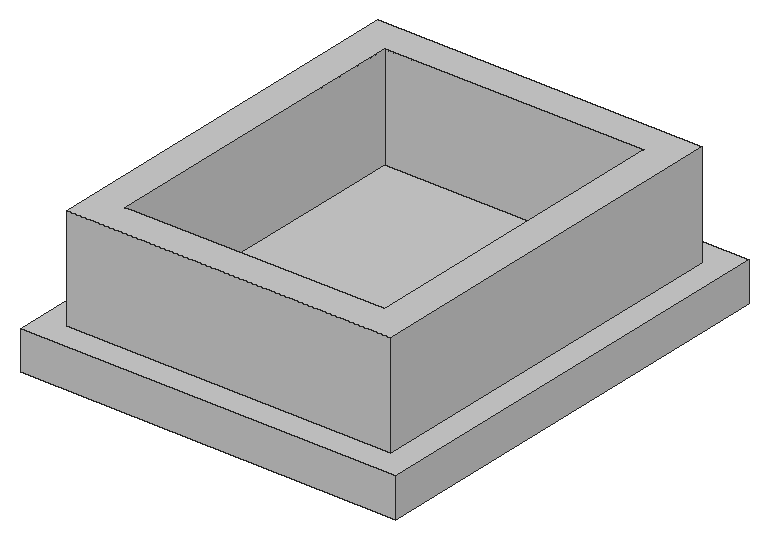
Revit family "BTB-Grop", category Structural Foundations, host Floor, Revit 2020
Family settings
  Host = Floor
  Material for Model Behavior = Other
  Cap = No
  Always vertical = Yes
  Cut with Voids When Loaded = Yes
  Shared = No
Parameters (values of type "Grop, 2000x2500, -1100")
  Width = 2 * Wall_Thickness + Hole_Width  # 2500 mm
  Wall_Thickness = 250 mm
  Top_Offset = 0 mm
  Slab_Thickness = 300 mm
  Slab Outline Offset = 200 mm
  Shaft_Height = 7000 mm
  Model = ""
  Material [instance] = Concrete - Cast-in-Place
  Kryss [instance] = no
  Hole_Width = 2000 mm
  Hole_Length = 2500 mm
  Hole_Depth = 0 mm
  Hiss-skraffering [instance] = yes
  Depth = 1100 mm
Types (2, lengths in mm): name | Width | Shaft_Height | Kryss | Hole_Width | Depth
  Grop, 2000x2500, -1100 | 2500 | 7000 | no | 2000 | 1100
  Elgrop, 800x2500, -600 | 1300 | 1500 | yes | 800 | 600
Reference planes
  plane 1 "Center (Front/Back)": y = 0
  plane 2: z = 0
  plane 3 "Center (Left/Right)": x = 0
  plane 4: x = -1000
  plane 5: x = -1250
  plane 6: x = 1250
  plane 7: x = 1000
  plane 8: y = -1250
  plane 9: y = -1500
  plane 10: y = 1500
  plane 11: y = 1250
  plane 12: z = -1100
  plane 13: z = -1400
  plane 14: z = -300
  plane 15: z = -300
  plane 16: y = 1700
  plane 17: x = 1450
  plane 18: y = -1700
  plane 19: x = -1450
Forms (mm)
  Extrusion 1, solid, material "Concrete - Cast-in-Place" <- "Material"
    sketch origin (0, 0, 0) x (1, 0, 0) y (0, 1, 0)
      loop
        line (-1000, 1250) -> (-1000, -1250) -> (1000, -1250) -> (1000, 1250) -> (-1000, 1250)
      loop
        line (-1250, 1500) -> (-1250, -1500) -> (1250, -1500) -> (1250, 1500) -> (-1250, 1500)
    from -300 to -1100
  Extrusion 2, solid, material "Concrete - Cast-in-Place" <- "Material"
    sketch origin (0, 0, 0) x (1, 0, 0) y (0, 1, 0)
      loop
        line (-1450, 1700) -> (-1450, -1700) -> (1450, -1700) -> (1450, 1700) -> (-1450, 1700)
    from -1400 to -1100
  Extrusion 3, void
    sketch origin (0, 0, 0) x (1, 0, 0) y (0, 1, 0)
      loop
        line (-1000, 1250) -> (-1000, -1250) -> (1000, -1250) -> (1000, 1250) -> (-1000, 1250)
    from -1100 to 7000 <- "Shaft_Height"
Cuts and joins
  joined: Extrusion 1, Extrusion 2
Lines and regions (mm)
  symbolic lines, style "krys", visible <- "Kryss"
    curve 1: line (-1000, 1250, 0) -> (1000, -1250, 0)
    curve 2: line (1000, 1250, 0) -> (-1000, -1250, 0)
  symbolic lines, style "krys", visible <- "Kryss", not visible
    curve 3: line (1000, 1250, 0) -> (-1000, -1250, 0)
  reference lines, not visible
    curve 4: line (-1000, -1250, 0) -> (-1837.091, -2296.364, 0)
Dimensions and locks
  equal spacing: plane 4, plane 3 "Center (Left/Right)", plane 7
  equal spacing: plane 11, plane 1 "Center (Front/Back)", plane 8
  "Wall_Thickness": plane 5 to plane 4
  "Wall_Thickness": plane 10 to plane 11
  "Wall_Thickness": plane 8 to plane 9
  "Depth": host floor to plane 12
  "Slab_Thickness": plane 12 to plane 13
  "Hole_Width": plane 4 to plane 7
  "Hole_Length": plane 11 to plane 8
  "Top_Offset": plane 15 to plane 14
  "Slab Outline Offset": plane 19 to plane 5
  "Slab Outline Offset": plane 16 to plane 10
  "Wall_Thickness": plane 7 to plane 6
  "Slab Outline Offset": plane 9 to plane 18
  "Slab Outline Offset": plane 6 to plane 17
  locked: Extrusion 3 to nested 1
  locked: nested 1 to curve 2
  locked: plane 8 to nested 1
  aligned and locked: level to plane 2
  aligned and locked: plane 4 to Extrusion 1
  aligned and locked: Extrusion 1 to plane 11
  aligned and locked: Extrusion 1 to plane 7
  aligned and locked: plane 8 to Extrusion 1
  aligned and locked: Extrusion 1 to plane 5
  aligned and locked: plane 10 to Extrusion 1
  aligned and locked: plane 6 to Extrusion 1
  aligned and locked: Extrusion 1 to plane 9
  aligned and locked: plane 14 to Extrusion 1
  aligned and locked: Extrusion 2 to plane 13
  aligned and locked: plane 12 to Extrusion 2
  aligned and locked: Extrusion 1 to plane 12
  aligned and locked: plane 15 to host floor
  aligned and locked: plane 16 to Extrusion 2
  aligned and locked: Extrusion 2 to plane 17
  aligned and locked: Extrusion 2 to plane 19
  aligned and locked: Extrusion 2 to plane 18
  aligned and locked: Extrusion 3 sketch curve to cut or joined group of Extrusion 1, Extrusion 2  (x4)
  aligned and locked: Extrusion 3 to cut or joined group of Extrusion 1, Extrusion 2
Automatic sketch dimensions
  curve 1 to plane 4 = 0 mm
  curve 1 to plane 7 = 0 mm
  curve 1 to plane 8 = 0 mm
  curve 1 to plane 11 = 0 mm
  Extrusion 1 sketch curve to plane 5 = 0 mm
  Extrusion 1 sketch curve to plane 4 = 0 mm
  Extrusion 1 sketch curve to plane 7 = 0 mm
  Extrusion 1 sketch curve to plane 6 = 0 mm
  Extrusion 1 sketch curve to plane 9 = 0 mm
  Extrusion 1 sketch curve to plane 8 = 0 mm
  Extrusion 1 sketch curve to plane 11 = 0 mm
  Extrusion 1 sketch curve to plane 10 = 0 mm
  Extrusion 2 sketch curve to plane 18 = 0 mm
  Extrusion 2 sketch curve to plane 19 = 0 mm
  Extrusion 2 sketch curve to plane 17 = 0 mm
  Extrusion 2 sketch curve to plane 16 = 0 mm
  curve 2 to plane 7 = 0 mm
  curve 2 to plane 8 = 0 mm
  curve 2 to plane 11 = 0 mm
Nested families
  nested 1: "Bockad plåt typ1 - kopia" at (-1000, -1250, 0), built-in parameter 1006206 <- "Hiss-skraffering", visible <- "Hiss-skraffering", height <- "Hole_Length", witdh <- "Hole_Width", Comments <- "Model", type "t=2"
    with witdh 2000 mm, height 2500 mm
Definition of nested family "Bockad plåt typ1 - kopia"
  Parameters (values of type "t=2")
    witdh [instance] = 450 mm
    height [instance] = 450 mm
  Reference planes
    plane 1 "Center (Front/Back)": y = 0
    plane 2: z = 0
    plane 3 "Center (Left/Right)": x = 0
    plane 4 "2": x = 450
    plane 5 "3": y = 450
    plane 6 "4": x = 225
  Lines and regions (mm)
    Filled region 1, type "hiss", in view "Ref. Level"
      outline origin (450, 0, 0) x (0, 1, 0) y (-1, 0, 0)
        loop
          line (0, 0) -> (450, 0) -> (0, 450) -> (0, 0)
  Dimensions and locks
    "witdh": plane 3 "Center (Left/Right)" to plane 4 "2"
    "height": plane 1 "Center (Front/Back)" to plane 5 "3"
    equal spacing: plane 3 "Center (Left/Right)", plane 6 "4", plane 4 "2"
  Automatic sketch dimensions
    plane 1 "Center (Front/Back)" to Filled region 1 sketch curve = 0 mm
    Filled region 1 sketch curve to plane 4 "2" = 0 mm
    plane 5 "3" to Filled region 1 sketch curve = 0 mm
    Filled region 1 sketch curve to plane 3 "Center (Left/Right)" = 0 mm
